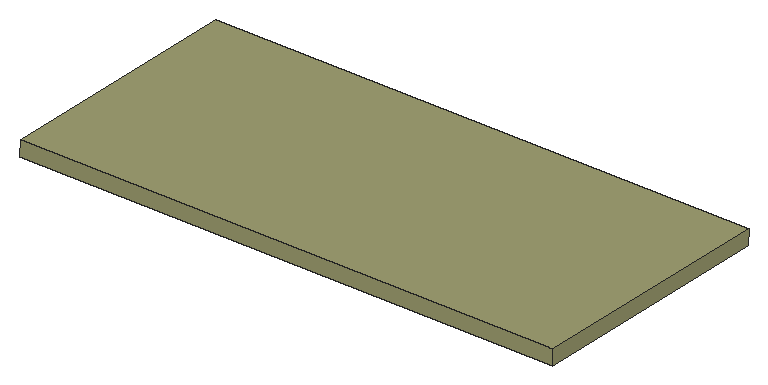
Revit family "Ecowool Brownie Rigidslab (20kgm3)", category Generic Models, host Face, Revit 2020
Family settings
  Host = Face
  Can host rebar = No
  Round Connector Dimension = Use Diameter
  Part Type = Normal
  Cut with Voids When Loaded = No
  Shared = No
  Room Calculation Point = No
Parameters (values of type "Ecowool Brownie Rigislab")
  Width [instance] = 800 mm
  URL = "www.ecowool.com.my"
  Type of Insulation = "Glass Mineral Wool Blanket"
  Thermal R value = 1.4
  Thermal K value = 0.0348
  Remarks = ""
  Material Specification = ""
  Manufacturer = "PGF Insulation Sdn. Bhd."
  Insulation Thickness = 50 mm
  Length(mm) [instance] = 1740 mm
  Finish = Brownie Rigislab
  ECOWOOL Product thickness in mm = ""
  Description = "ECOWOOL Brownie blanket and slabs are resilient, non-combustible, glass mineral wool products, supplied at roofing and walling application for residential and commercial building"
  Density = 20.00 kg/m³
  Default Elevation = 1219.2 mm
Reference planes
  plane 1 "Center (Front/Back)": y = 0
  plane 2: z = 0
  plane 3 "Center (Left/Right)": x = 0
  plane 4: x = 1740
  plane 5: y = -400
  plane 6: y = 400
Forms (mm)
  Sweep 1, solid, material "Brownie Rigislab" <- "Finish"
    path origin (0, 0, 0) x (1, 0, 0) y (0, 1, 0)
      loop
        line (0, 0) -> (1740, 0)
    profile origin (870, 0, 0) x (0, 1, 0) y (0, 0, 1)
      loop
        line (-400, 50) -> (-400, 0) -> (400, 0) -> (400, 50) -> (-400, 50)
Lines and regions (mm)
  reference lines
    curve 1: line (0, 0, 0) -> (1740, 0, 0)
Dimensions and locks
  "Width": plane 5 to plane 6
  equal spacing: plane 5, plane 1 "Center (Front/Back)", plane 6
  "Length(mm)": plane 3 "Center (Left/Right)" to plane 4
  "Insulation Thickness": host face to Sweep 1 sketch curve
  aligned and locked: plane 2 to host face
  aligned and locked: level to host face
  aligned and locked: plane 3 "Center (Left/Right)" to curve 1
  aligned and locked: plane 4 to curve 1
  aligned and locked: plane 3 "Center (Left/Right)" to Sweep 1 sketch curve
  aligned and locked: plane 4 to Sweep 1 sketch curve
  aligned and locked: level to Sweep 1 sketch curve
  aligned and locked: plane 6 to Sweep 1 sketch curve
  aligned and locked: Sweep 1 sketch curve to plane 5
Automatic sketch dimensions
  host sketch curve to host sketch curve = 1616.306 mm
  host sketch curve to host sketch curve = 2438.4 mm
  plane 1 "Center (Front/Back)" to curve 1 = 0 mm
  plane 1 "Center (Front/Back)" to Sweep 1 sketch curve = 0 mm
